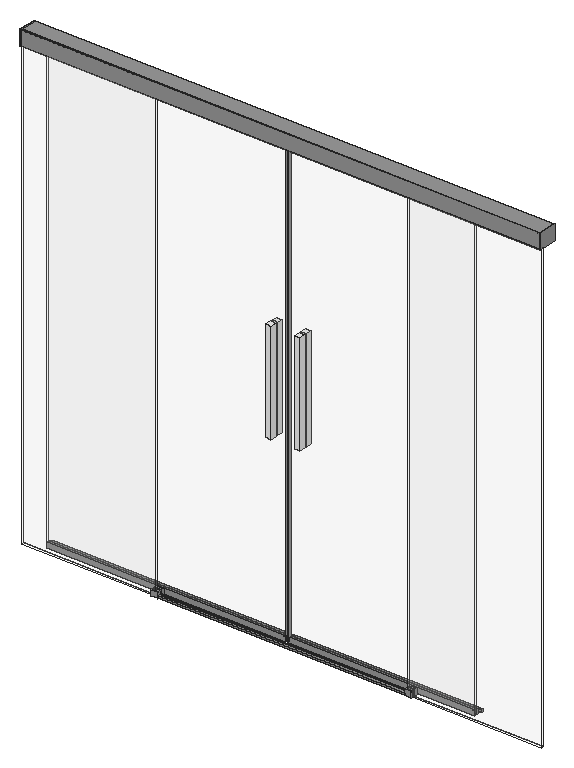
Revit family "Sanitary_Shower-screens_Duscholux_D5Custom20_Slider-twin-door-bath", category Aparatos sanitarios, Revit 2019
Family settings
  Cota de conector redondo = Diámetro de uso
  Tipo de pieza = Normal
  Número OmniClass = 23.45.00.00
  Título OmniClass = Sanitary, Laundry, and Cleaning Equipment
  Se basa en plano de trabajo = No
  Siempre vertical = Sí
  Corte con vacíos al cargar = No
  Compartido = No
  Punto de cálculo de habitación = No
Parameters (values of type "Platinum Aluminium Finish")
  Uper profile guide = Anodized Aluminium_Duscholux Material-Platinum Finish
  URL = "http://www.duscholux.es/"
  Thickness Safety Glass Sliding = 8 mm  # constant formula
  Technical Inspection Certificate (Applus) = "http://www.duscholux.es/resources/custom/var/APPLUS_en.pdf"
  Series = "D5"
  Ref. = "UAW"
  Products = "http://www.duscholux.es/mamparas_filtro.aspx?es"
  Optional = "Towel rail / Shelf / Customizable Uper profile guide"
  Opening System Image = "https://duscholux.es/resources/custom/img/mamparas/plumas/2F2PFBC.gif"
  Opening System = "Sliding"
  Opening Percentage = 0
  Modelo = "D5 Custom20"
  Maintenance and Cleaning = "http://www.duscholux.es/mamparas_limpieza.aspx?en"
  Image = "https://duscholux.es/resources/custom/img/mamparas/D5%20CUSTOM20/modelos/2F2PFBC/mampara_h.jpg"
  Handle Material = Zamac_Duscholux Material-Chrome Finish
  Glass in Building UNE EN 12150 = "CE Conformity marking"
  Glass Material = Glass_Material-Duscholux
  Frame Material = Anodized Aluminium_Duscholux Material-Platinum Finish
  Fact Sheet = "https://duscholux.blob.core.windows.net/pdf2022/en/Custom2F2PFB.pdf"
  Fabricante = "Duscholux Ibérica, S.A."
  Thickness Safety Glass Fixed Panel = 8 mm  # constant formula
  Environmental Management ISO 14001 = "ECOEMBES Certificate"
  Descripción = "2 fixed segments + slider twin doors"
  Configuration enclosure = "http://configuratumampara.duscholux.es/eCatalogo.aspx"
  Components = "Eropean components"
  Combinations = "Lateral 90°"
  Código de montaje = "C1030200"
  Certified Quality UNE EN 14428 = "http://www.duscholux.es/duscholux_downloads.aspx?es"
  Opening Door = (((Min Max Width / 4) - 80 mm) * Opening Percentage / 100) + 5 mm  # 5 mm
  Sliding Door Width = (Min Max Width / 4) + 14 mm - 5 mm  # 459 mm
  Min Max Width = if(Width < 1400 mm, 1400 mm, if(Width > 2500 mm, 2500 mm, Width))  # 1800 mm
  Width = 1800 mm
  Handle Height = (Max Height / 2) + Bath Heigth  # 1200 mm
  Max Height = if(Height > 1800 mm, 1800 mm, Height)  # 1600 mm
  Height = 1600 mm
  Bath Heigth = 400 mm
  Accesories Material = Anodized Aluminium_Duscholux Material-Platinum Finish
Types (4, lengths in mm): name | Uper profile guide | Handle Material | Frame Material | Accesories Material
  (no name) | Anodized Aluminium_Duscholux Material-Platinum Finish | Zamac_Duscholux Material-Chrome Finish | Anodized Aluminium_Duscholux Material-Platinum Finish | Anodized Aluminium_Duscholux Material-Platinum Finish
  Matte Silver Aluminium Finish | Anodized Aluminium_Duscholux Material-Matte Silver Finish | Zamac_Duscholux Material-Chrome Finish | Anodized Aluminium_Duscholux Material-Matte Silver Finish | Anodized Aluminium_Duscholux Material-Platinum Finish
  Platinum Aluminium Finish | Anodized Aluminium_Duscholux Material-Platinum Finish | Zamac_Duscholux Material-Chrome Finish | Anodized Aluminium_Duscholux Material-Platinum Finish | Anodized Aluminium_Duscholux Material-Platinum Finish
  Black Aluminium Finish | Anodized Aluminium_Duscholux Material-Black Finish | Anodized Aluminium_Duscholux Material-Black Finish | Anodized Aluminium_Duscholux Material-Black Finish | Anodized Aluminium_Duscholux Material-Black Finish
Reference planes
  plane 1 "Centro (Frontal/Posterior)": y = 0
  plane 2: z = 0
  plane 3 "Centro (Izquierda/Derecha)": x = -5.5
  plane 4: x = 455.5
  plane 5: z = 2000
  plane 6: x = 891.5
  plane 7: x = -8.5
  plane 8: z = 1200
  plane 9: x = 441.5
  plane 10: x = 427.25
  plane 11: y = 26.104
  plane 12: z = 0
  plane 13: x = 464.5
  plane 14: z = 1948
  plane 15: z = 1953.154
  plane 16: x = 293.398
  plane 17: x = 1327.5
  plane 18: x = 1341.5
  plane 19: x = 1355.75
  plane 20: x = 1318.5
  plane 21: x = 1791.5
  plane 22: x = 1788.5
  plane 23: z = 400
  plane 24: z = 21.54
  plane 25: z = 420
  plane 26: z = 418.6
  plane 27: z = 403.247
Forms (mm)
  Extrusion 1, solid, material "Glass_Material-Duscholux" <- "Glass Material"
    sketch origin (500, 0, 0) x (1, 0, 0) y (0, 1, 0)
      loop
        line (-508.5, 4) -> (-508.5, -4) -> (-44.5, -4) -> (-44.5, 4) -> (-508.5, 4)
    from 400 to 1953.154
  Extrusion 2, solid, material "Glass_Material-Duscholux" <- "Glass Material"
    sketch origin (-739.119, -5.278, 0) x (1, 0, 0) y (0, 1, 0)
      loop
        line (796.619, 35.382) -> (796.619, 27.382) -> (1625.619, 27.382) -> (1625.619, 35.382) -> (796.619, 35.382)
    from 403.247 to 1948
  Extrusion 3, solid, material "Anodized Aluminium_Duscholux Material-Platinum Finish" <- "Accesories Material", detail levels fine
    sketch origin (-5.5, -2.57, 500) x (0, 1, 0) y (0, 0, 1)
      loop
        line (-2.433, -92.421) -> (-2.433, -100) -> (7.636, -100) -> (7.636, -92.426)
        arc (7.636, -92.426) -> (6.912, -90.68) -> (5.166, -89.957) r 2.47
        line (5.166, -89.957) -> (0.032, -89.957)
        arc (0.032, -89.957) -> (-1.711, -90.679) -> (-2.433, -92.421) r 2.465
    from 470 to 1324
  Extrusion 4, solid, material "Anodized Aluminium_Duscholux Material-Platinum Finish" <- "Uper profile guide"
    sketch origin (-5.5, 0, 0) x (0, 1, 0) y (0, 0, 1)
      loop
        line (-9.997, 1999) -> (-9.997, 1949.124) -> (-7.5, 1949.124) -> (-7.5, 1999) -> (-9.997, 1999)
    from 0 to 1794
  Extrusion 5, solid, material "Anodized Aluminium_Duscholux Material-Platinum Finish" <- "Frame Material"
    sketch origin (-5.5, 0, 0) x (0, 1, 0) y (0, 0, 1)
      loop
        line (-9.993, 2000) -> (-9.993, 1999) -> (-7.5, 1999) -> (-7.5, 1949.124) -> (-9.993, 1949.124) -> (-9.993, 1948) -> (-5.497, 1948) -> (-5.497, 1953.154) -> (5.503, 1953.154) -> (5.503, 1948) -> (21.382, 1948) -> (21.382, 1951.5) -> (7.803, 1951.5) -> (7.803, 1989.372) -> (42.403, 1989.372) -> (42.403, 1951.5) -> (33.536, 1951.5) -> (30.913, 1951.5) -> (30.913, 1948) -> (51.003, 1948) -> (51.003, 2000) -> (-9.993, 2000)
    from 0 to 1794
  Extrusion 6, solid, material "Anodized Aluminium_Duscholux Material-Platinum Finish" <- "Accesories Material"
    sketch origin (-5.5, 0, 0) x (0, 1, 0) y (0, 0, 1)
      loop
        line (51.003, 2000) -> (-9.993, 2000) -> (-9.993, 1948) -> (-5.497, 1948) -> (-5.497, 1953.154) -> (5.503, 1953.154) -> (5.503, 1948) -> (51.003, 1948) -> (51.003, 2000)
    from -3 to 0
  Extrusion 7, solid, material "Anodized Aluminium_Duscholux Material-Platinum Finish" <- "Accesories Material", detail levels medium+fine
    sketch origin (0, 0, 0) x (1, 0, 0) y (0, 1, 0)
      loop
        line (441.5, 6.547) -> (441.5, 4.098) -> (455.5, 4.098) -> (455.5, -4.002) -> (441.5, -4.002) -> (441.5, -6.452)
        arc (441.5, -6.452) -> (441.646, -6.806) -> (442, -6.952) r 0.5
        line (442, -6.952) -> (464, -6.952)
        arc (464, -6.952) -> (464.353, -6.806) -> (464.5, -6.452) r 0.5
        line (464.5, -6.452) -> (464.5, 6.548)
        arc (464.5, 6.548) -> (464.354, 6.901) -> (464, 7.047) r 0.5
        line (464, 7.047) -> (442, 7.047)
        arc (442, 7.047) -> (441.646, 6.901) -> (441.5, 6.547) r 0.5
    from 400 to 420
  Extrusion 8, solid, material "Anodized Aluminium_Duscholux Material-Platinum Finish" <- "Accesories Material", detail levels medium+fine
    sketch origin (50, 0, 0) x (1, 0, 0) y (0, 1, 0)
      loop
        line (392.5, 8.348) -> (392.5, 7.047) -> (413.5, 7.047) -> (413.5, 8.348) -> (392.5, 8.348)
    from 400 to 418.6
  Extrusion 9, solid, material "Glass_Material-Duscholux" <- "Glass Material"
    sketch origin (1883, 0, 0) x (-1, 0, 0) y (0, -1, 0)
      loop
        line (91.5, -4) -> (555.5, -4) -> (555.5, 4) -> (91.5, 4) -> (91.5, -4)
    from 400 to 1953.154
  Extrusion 10, solid, material "Glass_Material-Duscholux" <- "Glass Material"
    sketch origin (2612.071, -5.278, 0) x (-1, 0, 0) y (0, -1, 0)
      loop
        line (1071.571, -35.382) -> (1715.571, -35.382) -> (1715.571, -27.382) -> (1071.571, -27.382) -> (1071.571, -35.382)
    from 403.247 to 1953.154
  Extrusion 11, solid, material "Anodized Aluminium_Duscholux Material-Platinum Finish" <- "Accesories Material", detail levels medium+fine
    sketch origin (2383, 0, 0) x (-1, 0, 0) y (0, -1, 0)
      loop
        arc (1041.5, -6.547) -> (1041.647, -6.901) -> (1042, -7.047) r 0.5
        line (1042, -7.047) -> (1064, -7.047)
        arc (1064, -7.047) -> (1064.354, -6.901) -> (1064.5, -6.548) r 0.5
        line (1064.5, -6.548) -> (1064.5, 6.452)
        arc (1064.5, 6.452) -> (1064.353, 6.806) -> (1064, 6.952) r 0.5
        line (1064, 6.952) -> (1042, 6.952)
        arc (1042, 6.952) -> (1041.646, 6.806) -> (1041.5, 6.452) r 0.5
        line (1041.5, 6.452) -> (1041.5, 4.002) -> (1055.5, 4.002) -> (1055.5, -4.098) -> (1041.5, -4.098) -> (1041.5, -6.547)
    from 400 to 420
  Extrusion 12, solid, material "Anodized Aluminium_Duscholux Material-Platinum Finish" <- "Accesories Material", detail levels medium+fine
    sketch origin (2333, 0, 0) x (-1, 0, 0) y (0, -1, 0)
      loop
        line (992.5, -8.348) -> (1013.5, -8.348) -> (1013.5, -7.047) -> (992.5, -7.047) -> (992.5, -8.348)
    from 400 to 418.6
  Extrusion 13, solid, material "Anodized Aluminium_Duscholux Material-Platinum Finish" <- "Accesories Material"
    sketch origin (2188.5, 0, 0) x (0, 1, 0) y (0, 0, -1)
      loop
        line (51.003, -2000) -> (51.003, -1948) -> (5.503, -1948) -> (5.503, -1953.154) -> (-5.497, -1953.154) -> (-5.497, -1948) -> (-9.993, -1948) -> (-9.993, -2000) -> (51.003, -2000)
    from 397 to 400
  Extrusion 14, solid, material "Anodized Aluminium_Duscholux Material-Platinum Finish" <- "Accesories Material"
    sketch origin (-5.5, 0, 0) x (0, 1, 0) y (0, 0, 1)
      loop
        arc (19.08, 417.101) -> (18.524, 419.12) -> (16.624, 420) r 2.49
        line (16.624, 420) -> (8.348, 420) -> (8.348, 400) -> (16.624, 400)
        arc (16.624, 400) -> (18.234, 400.59) -> (19.08, 402.081) r 2.49
        line (19.08, 402.081) -> (19.08, 417.101)
    from 447 to 470
  Extrusion 15, solid, material "Anodized Aluminium_Duscholux Material-Platinum Finish" <- "Accesories Material"
    sketch origin (-5.5, 0, 0) x (0, 1, 0) y (0, 0, 1)
      loop
        line (16.624, 420) -> (8.348, 420) -> (8.348, 400) -> (16.624, 400)
        arc (16.624, 400) -> (18.234, 400.59) -> (19.08, 402.081) r 2.49
        line (19.08, 402.081) -> (19.08, 417.101)
        arc (19.08, 417.101) -> (18.524, 419.12) -> (16.624, 420) r 2.49
    from 1324 to 1347
  Extrusion 16, solid
    sketch origin (-5.5, 0, 0) x (0, 1, 0) y (0, 0, 1)
      loop
        arc (20.53, 417.613) -> (19.805, 418.338) -> (19.08, 417.613) r 0.725
        line (19.08, 417.613) -> (19.08, 402.081)
        arc (19.08, 402.081) -> (18.234, 400.59) -> (16.624, 400) r 2.49
        line (16.624, 400) -> (31.156, 400) -> (31.156, 401.937) -> (21.141, 401.937) -> (20.53, 403.247) -> (20.53, 417.613)
    from 1325 to 1346
  Extrusion 17, solid, material "Anodized Aluminium_Duscholux Material-Platinum Finish" <- "Accesories Material"
    sketch origin (-5.5, 0, 0) x (0, 1, 0) y (0, 0, 1)
      loop
        arc (20.53, 417.613) -> (19.805, 418.338) -> (19.08, 417.613) r 0.725
        line (19.08, 417.613) -> (19.08, 402.081)
        arc (19.08, 402.081) -> (18.234, 400.59) -> (16.624, 400) r 2.49
        line (16.624, 400) -> (31.156, 400) -> (31.156, 401.937) -> (21.141, 401.937) -> (20.53, 403.247) -> (20.53, 417.613)
    from 448 to 469
  Extrusion 18, solid, material "Plástico, transparente"
    sketch origin (-5.5, 0, 0) x (0, 1, 0) y (0, 0, 1)
      loop
        arc (31.711, 419.394) -> (30.633, 419.36) -> (30.104, 418.42) r 1.098
        line (30.104, 418.42) -> (30.104, 403.247) -> (22.104, 403.247) -> (22.104, 419.859) -> (21.222, 419.757) -> (21.222, 401.937) -> (31.156, 401.937) -> (31.156, 416.552)
        arc (31.156, 416.552) -> (31.449, 417.186) -> (32.121, 417.376) r 0.834
        line (32.121, 417.376) -> (52.104, 406.92) -> (52.104, 401.207)
        arc (52.104, 401.207) -> (52.809, 400.774) -> (53.604, 401.006) r 1.02
        line (53.604, 401.006) -> (53.604, 407.939) -> (31.711, 419.394)
    from 63 to 892
  Extrusion 19, solid, material "Plástico, transparente"
    sketch origin (-5.5, 0, 0) x (0, 1, 0) y (0, 0, 1)
      loop
        arc (31.711, 419.394) -> (30.633, 419.36) -> (30.104, 418.42) r 1.098
        line (30.104, 418.42) -> (30.104, 403.247) -> (22.104, 403.247) -> (22.104, 419.859) -> (21.222, 419.757) -> (21.222, 401.937) -> (31.156, 401.937) -> (31.156, 416.552)
        arc (31.156, 416.552) -> (31.449, 417.186) -> (32.121, 417.376) r 0.834
        line (32.121, 417.376) -> (52.104, 406.92) -> (52.104, 401.207)
        arc (52.104, 401.207) -> (52.809, 400.774) -> (53.604, 401.006) r 1.02
        line (53.604, 401.006) -> (53.604, 407.939) -> (31.711, 419.394)
    from 902 to 1546
  Extrusion 20, solid, material "Anodized Aluminium_Duscholux Material-Platinum Finish" <- "Frame Material"
    sketch origin (0, 0, 0) x (1, 0, 0) y (0, 1, 0)
      loop
        line (886.5, 22.104) -> (890.312, 22.104)
        arc (890.312, 22.104) -> (891.152, 22.452) -> (891.5, 23.292) r 1.188
        line (891.5, 23.292) -> (891.5, 28.9)
        arc (891.5, 28.9) -> (891.147, 29.751) -> (890.296, 30.104) r 1.204
        line (890.296, 30.104) -> (886.5, 30.104) -> (886.5, 22.104)
    from 403.247 to 1948
  Extrusion 21, solid, material "Anodized Aluminium_Duscholux Material-Platinum Finish" <- "Frame Material"
    sketch origin (0, 0, 0) x (1, 0, 0) y (0, 1, 0)
      loop
        line (896.5, 30.104) -> (892.683, 30.104)
        arc (892.683, 30.104) -> (891.847, 29.757) -> (891.5, 28.92) r 1.183
        line (891.5, 28.92) -> (891.5, 23.281)
        arc (891.5, 23.281) -> (891.845, 22.449) -> (892.678, 22.104) r 1.178
        line (892.678, 22.104) -> (896.5, 22.104) -> (896.5, 30.104)
    from 403.247 to 1948
Cuts and joins
  joined: Extrusion 7, Extrusion 8
Dimensions and locks
  locked: plane 7 to plane 3 "Centro (Izquierda/Derecha)" at 3
  "Handle Height": plane 8 to level
  locked: plane 9 to plane 4 at 14
  locked: plane 10 to plane 9 at 14.25
  locked: nested 2 to Extrusion 2 at 45
  locked: plane 9 to plane 13 at 23
  locked: plane 5 to plane 14 at 52
  locked: plane 5 to plane 15 at 46.846
  locked: plane 18 to plane 17 at 14
  locked: plane 19 to plane 18 at 14.25
  locked: plane 18 to plane 20 at 23
  "Width": plane 7 to plane 21
  equal spacing: plane 7, plane 9, plane 6, plane 18, plane 21
  locked: nested 4 to Extrusion 10 at 45
  plane 18 to plane 20 = 23 mm
  locked: plane 22 to plane 21 at 3
  plane 17 to Extrusion 11 = 14 mm
  plane 1 "Centro (Frontal/Posterior)" to Extrusion 12 = 8.348 mm
  plane 1 "Centro (Frontal/Posterior)" to Extrusion 8 = 8.348 mm
  locked: Extrusion 17 to plane 13 at 1
  locked: plane 9 to Extrusion 17 at 1
  locked: Extrusion 16 to plane 18 at 1
  locked: plane 20 to Extrusion 16 at 1
  locked: plane 25 to plane 23 at 20
  locked: plane 26 to plane 23 at 18.6
  locked: plane 27 to plane 23 at 3.247
  "Bath Heigth": plane 23 to level
  "Max Height": plane 5 to plane 23
  locked: nested 1 to Extrusion 2 at 45
  "Opening Door": Extrusion 2 to plane 6
  locked: Extrusion 2 to Extrusion 20 at 5
  locked: Extrusion 21 to Extrusion 10 at 5
  "Opening Door": plane 6 to Extrusion 10
  aligned and locked: level to plane 2
  aligned and locked: Extrusion 4 to plane 3 "Centro (Izquierda/Derecha)"
  aligned and locked: Extrusion 4 to Extrusion 5
  aligned and locked: plane 8 to nested 2
  aligned and locked: plane 8 to nested 1
  aligned and locked: Extrusion 6 to plane 7
  aligned and locked: plane 3 "Centro (Izquierda/Derecha)" to Extrusion 6
  aligned and locked: Extrusion 3 to plane 13
  aligned and locked: Extrusion 5 to plane 14
  aligned and locked: plane 15 to Extrusion 1
  aligned and locked: plane 14 to Extrusion 2
  aligned and locked: Extrusion 11 to plane 18
  aligned and locked: plane 20 to Extrusion 11
  aligned and locked: Extrusion 3 to plane 20
  aligned and locked: plane 15 to Extrusion 9
  aligned and locked: plane 15 to Extrusion 10
  aligned and locked: nested 3 to plane 8
  aligned and locked: nested 4 to plane 8
  aligned and locked: plane 22 to Extrusion 13
  aligned and locked: Extrusion 13 to plane 21
  aligned and locked: Extrusion 5 to plane 22
  aligned and locked: Extrusion 4 to Extrusion 13
  aligned and locked: Extrusion 7 to Extrusion 3
  aligned and locked: Extrusion 3 to Extrusion 11
  aligned and locked: Extrusion 3 to Extrusion 12
  aligned and locked: cut or joined group of Extrusion 7, Extrusion 8 to plane 23
  aligned and locked: cut or joined group of Extrusion 7, Extrusion 8 to Extrusion 12
  aligned and locked: Extrusion 11 to plane 23
  aligned and locked: Extrusion 15 to plane 18
  aligned and locked: Extrusion 15 to Extrusion 3
  aligned and locked: Extrusion 3 to Extrusion 14
  aligned and locked: Extrusion 14 to plane 9
  aligned and locked: Extrusion 12 to Extrusion 16
  aligned and locked: Extrusion 10 to Extrusion 2
  aligned and locked: Extrusion 1 to Extrusion 3
  aligned and locked: Extrusion 3 to Extrusion 9
  aligned and locked: plane 25 to Extrusion 11
  aligned and locked: plane 25 to Extrusion 15
  aligned and locked: plane 25 to cut or joined group of Extrusion 7, Extrusion 8
  aligned and locked: plane 25 to Extrusion 14
  aligned and locked: plane 26 to Extrusion 12
  aligned and locked: Extrusion 18 to Extrusion 2  (x2)
  aligned and locked: Extrusion 10 to plane 27
  aligned and locked: Extrusion 19 to Extrusion 10  (x2)
  aligned and locked: Extrusion 20 sketch curve to Extrusion 2
  aligned and locked: plane 14 to Extrusion 21
  aligned and locked: plane 14 to Extrusion 20
  aligned and locked: Extrusion 21 to Extrusion 19
  aligned and locked: Extrusion 20 to Extrusion 18
Automatic sketch dimensions
  Extrusion 1 sketch curve to plane 7 = 0 mm
  Extrusion 1 sketch curve to plane 4 = 0 mm
  plane 1 "Centro (Frontal/Posterior)" to Extrusion 1 sketch curve = 4 mm
  Extrusion 1 sketch curve to plane 1 "Centro (Frontal/Posterior)" = 4 mm
  Extrusion 2 sketch curve to plane 10 = 369.75 mm
  Extrusion 2 sketch curve to plane 6 = 5 mm
  Extrusion 2 sketch curve to plane 11 = 4 mm
  plane 11 to Extrusion 2 sketch curve = 4 mm
  level to Extrusion 3 sketch curve = 400 mm
  plane 1 "Centro (Frontal/Posterior)" to Extrusion 3 sketch curve = 5.003 mm
  Extrusion 3 sketch curve to Extrusion 3 sketch curve = 2.465 mm
  Extrusion 3 sketch curve to plane 1 "Centro (Frontal/Posterior)" = 2.596 mm
  Extrusion 3 sketch curve to plane 1 "Centro (Frontal/Posterior)" = 5.066 mm
  Extrusion 3 sketch curve to Extrusion 3 sketch curve = 7.574 mm
  plane 14 to Extrusion 4 sketch curve = 1.124 mm
  plane 1 "Centro (Frontal/Posterior)" to Extrusion 4 sketch curve = 9.997 mm
  Extrusion 4 sketch curve to Extrusion 4 sketch curve = 2.497 mm
  Extrusion 4 sketch curve to plane 5 = 1 mm
  Extrusion 5 sketch curve to plane 5 = 0 mm
  Extrusion 5 sketch curve to plane 14 = 0 mm  (x3)
  Extrusion 5 sketch curve to plane 15 = 0 mm
  plane 1 "Centro (Frontal/Posterior)" to Extrusion 5 sketch curve = 9.993 mm  (x2)
  plane 14 to Extrusion 5 sketch curve = 1.124 mm
  Extrusion 5 sketch curve to plane 5 = 1 mm
  Extrusion 5 sketch curve to Extrusion 5 sketch curve = 2.493 mm
  Extrusion 5 sketch curve to Extrusion 5 sketch curve = 2.003 mm
  Extrusion 5 sketch curve to plane 1 "Centro (Frontal/Posterior)" = 5.503 mm
  Extrusion 5 sketch curve to plane 1 "Centro (Frontal/Posterior)" = 7.803 mm
  Extrusion 5 sketch curve to plane 11 = 4.721 mm
  Extrusion 5 sketch curve to plane 15 = 1.654 mm  (x2)
  plane 11 to Extrusion 5 sketch curve = 4.809 mm
  Extrusion 5 sketch curve to Extrusion 5 sketch curve = 2.623 mm
  plane 11 to Extrusion 5 sketch curve = 16.3 mm
  Extrusion 5 sketch curve to Extrusion 5 sketch curve = 8.6 mm
  Extrusion 5 sketch curve to plane 5 = 10.628 mm
  Extrusion 6 sketch curve to plane 5 = 0 mm
  Extrusion 6 sketch curve to plane 14 = 0 mm  (x2)
  Extrusion 6 sketch curve to plane 15 = 0 mm
  plane 1 "Centro (Frontal/Posterior)" to Extrusion 6 sketch curve = 9.993 mm
  plane 1 "Centro (Frontal/Posterior)" to Extrusion 6 sketch curve = 5.497 mm
  Extrusion 6 sketch curve to plane 1 "Centro (Frontal/Posterior)" = 5.503 mm
  plane 11 to Extrusion 6 sketch curve = 24.9 mm
  Extrusion 7 sketch curve to plane 4 = 0 mm
  Extrusion 7 sketch curve to plane 13 = 0 mm
  plane 9 to Extrusion 7 sketch curve = 0.5 mm  (x2)
  plane 9 to Extrusion 7 sketch curve = 0 mm
  Extrusion 7 sketch curve to plane 9 = 0 mm
  Extrusion 7 sketch curve to plane 13 = 0.5 mm
  Extrusion 7 sketch curve to Extrusion 7 sketch curve = 0.5 mm
  plane 1 "Centro (Frontal/Posterior)" to Extrusion 7 sketch curve = 6.952 mm
  Extrusion 7 sketch curve to Extrusion 7 sketch curve = 2.45 mm
  Extrusion 7 sketch curve to plane 1 "Centro (Frontal/Posterior)" = 4.098 mm
  Extrusion 7 sketch curve to Extrusion 7 sketch curve = 2.449 mm
  plane 9 to Extrusion 8 sketch curve = 1 mm
  Extrusion 8 sketch curve to plane 13 = 1 mm
  Extrusion 8 sketch curve to plane 1 "Centro (Frontal/Posterior)" = 7.047 mm
  Extrusion 8 sketch curve to Extrusion 8 sketch curve = 1.3 mm
  Extrusion 9 sketch curve to plane 21 = 0 mm
  Extrusion 9 sketch curve to plane 17 = 0 mm
  Extrusion 9 sketch curve to plane 1 "Centro (Frontal/Posterior)" = 4 mm
  plane 1 "Centro (Frontal/Posterior)" to Extrusion 9 sketch curve = 4 mm
  plane 19 to Extrusion 10 sketch curve = 184.75 mm
  Extrusion 10 sketch curve to plane 6 = 5 mm
  plane 11 to Extrusion 10 sketch curve = 4 mm
  Extrusion 10 sketch curve to plane 11 = 4 mm
  Extrusion 11 sketch curve to plane 18 = 0 mm  (x2)
  Extrusion 11 sketch curve to plane 17 = 0 mm
  Extrusion 11 sketch curve to plane 20 = 0 mm
  Extrusion 11 sketch curve to Extrusion 11 sketch curve = 0.5 mm
  Extrusion 11 sketch curve to plane 18 = 0.5 mm
  plane 20 to Extrusion 11 sketch curve = 0.5 mm  (x2)
  Extrusion 11 sketch curve to plane 1 "Centro (Frontal/Posterior)" = 6.952 mm
  Extrusion 11 sketch curve to Extrusion 11 sketch curve = 2.45 mm
  plane 1 "Centro (Frontal/Posterior)" to Extrusion 11 sketch curve = 4.098 mm
  Extrusion 11 sketch curve to Extrusion 11 sketch curve = 2.449 mm
  Extrusion 12 sketch curve to plane 18 = 1 mm
  plane 20 to Extrusion 12 sketch curve = 1 mm
  plane 1 "Centro (Frontal/Posterior)" to Extrusion 12 sketch curve = 7.047 mm
  Extrusion 12 sketch curve to Extrusion 12 sketch curve = 1.3 mm
  Extrusion 13 sketch curve to plane 5 = 0 mm
  Extrusion 13 sketch curve to plane 14 = 0 mm  (x2)
  Extrusion 13 sketch curve to plane 15 = 0 mm
  plane 1 "Centro (Frontal/Posterior)" to Extrusion 13 sketch curve = 9.993 mm
  plane 1 "Centro (Frontal/Posterior)" to Extrusion 13 sketch curve = 5.497 mm
  Extrusion 13 sketch curve to plane 1 "Centro (Frontal/Posterior)" = 5.503 mm
  plane 11 to Extrusion 13 sketch curve = 24.9 mm
  Extrusion 14 sketch curve to plane 11 = 9.479 mm
  plane 23 to Extrusion 14 sketch curve = 17.51 mm
  Extrusion 14 sketch curve to Extrusion 14 sketch curve = 2.49 mm
  Extrusion 14 sketch curve to Extrusion 14 sketch curve = 2.456 mm
  Extrusion 14 sketch curve to plane 23 = 0 mm
  Extrusion 14 sketch curve to Extrusion 14 sketch curve = 8.277 mm
  plane 23 to Extrusion 14 sketch curve = 2.49 mm
  plane 23 to Extrusion 14 sketch curve = 2.081 mm
  Extrusion 15 sketch curve to plane 11 = 9.479 mm
  plane 23 to Extrusion 15 sketch curve = 17.51 mm
  Extrusion 15 sketch curve to Extrusion 15 sketch curve = 2.49 mm
  Extrusion 15 sketch curve to Extrusion 15 sketch curve = 8.277 mm
  Extrusion 15 sketch curve to Extrusion 15 sketch curve = 2.456 mm
  plane 23 to Extrusion 15 sketch curve = 2.081 mm
  Extrusion 15 sketch curve to plane 23 = 0 mm
  plane 23 to Extrusion 15 sketch curve = 2.49 mm
  Extrusion 16 sketch curve to plane 11 = 6.298 mm
  Extrusion 16 sketch curve to Extrusion 16 sketch curve = 0.725 mm
  plane 23 to Extrusion 16 sketch curve = 17.613 mm
  plane 23 to Extrusion 16 sketch curve = 3.247 mm
  plane 23 to Extrusion 16 sketch curve = 1.937 mm
  Extrusion 16 sketch curve to Extrusion 16 sketch curve = 0.611 mm
  plane 11 to Extrusion 16 sketch curve = 5.053 mm
  Extrusion 16 sketch curve to plane 23 = 0 mm  (x2)
  Extrusion 16 sketch curve to Extrusion 16 sketch curve = 4.517 mm
  Extrusion 16 sketch curve to Extrusion 16 sketch curve = 2.456 mm
  Extrusion 16 sketch curve to Extrusion 16 sketch curve = 1.166 mm
  Extrusion 17 sketch curve to plane 11 = 6.298 mm
  Extrusion 17 sketch curve to Extrusion 17 sketch curve = 0.725 mm
  plane 23 to Extrusion 17 sketch curve = 17.613 mm
  plane 23 to Extrusion 17 sketch curve = 3.247 mm
  plane 23 to Extrusion 17 sketch curve = 1.937 mm
  Extrusion 17 sketch curve to Extrusion 17 sketch curve = 0.611 mm
  plane 11 to Extrusion 17 sketch curve = 5.053 mm
  Extrusion 17 sketch curve to plane 23 = 0 mm  (x2)
  Extrusion 17 sketch curve to Extrusion 17 sketch curve = 4.517 mm
  Extrusion 17 sketch curve to Extrusion 17 sketch curve = 2.456 mm
  Extrusion 17 sketch curve to Extrusion 17 sketch curve = 1.166 mm
  Extrusion 18 sketch curve to plane 26 = 0.18 mm
  plane 11 to Extrusion 18 sketch curve = 5.098 mm
  Extrusion 18 sketch curve to plane 25 = 0.606 mm
  Extrusion 18 sketch curve to Extrusion 18 sketch curve = 0.509 mm
  plane 23 to Extrusion 18 sketch curve = 7.939 mm
  Extrusion 18 sketch curve to Extrusion 18 sketch curve = 21.892 mm
  Extrusion 18 sketch curve to Extrusion 18 sketch curve = 0.788 mm
  Extrusion 18 sketch curve to plane 26 = 1.224 mm
  Extrusion 18 sketch curve to Extrusion 18 sketch curve = 0.131 mm
  Extrusion 18 sketch curve to Extrusion 18 sketch curve = 0.824 mm
  plane 23 to Extrusion 18 sketch curve = 6.92 mm
  Extrusion 18 sketch curve to Extrusion 18 sketch curve = 1.5 mm
  plane 23 to Extrusion 18 sketch curve = 1.937 mm
  Extrusion 18 sketch curve to Extrusion 18 sketch curve = 1.31 mm
  plane 23 to Extrusion 18 sketch curve = 1.207 mm
  plane 23 to Extrusion 18 sketch curve = 1.006 mm
  Extrusion 18 sketch curve to Extrusion 18 sketch curve = 0.841 mm
  Extrusion 18 sketch curve to plane 11 = 4 mm
  Extrusion 18 sketch curve to Extrusion 18 sketch curve = 0.882 mm
  Extrusion 18 sketch curve to plane 25 = 0.243 mm
  Extrusion 18 sketch curve to plane 25 = 0.141 mm
  Extrusion 19 sketch curve to plane 26 = 0.18 mm
  plane 11 to Extrusion 19 sketch curve = 5.098 mm
  Extrusion 19 sketch curve to plane 25 = 0.606 mm
  Extrusion 19 sketch curve to Extrusion 19 sketch curve = 0.509 mm
  plane 27 to Extrusion 19 sketch curve = 4.692 mm
  Extrusion 19 sketch curve to Extrusion 19 sketch curve = 21.892 mm
  Extrusion 19 sketch curve to Extrusion 19 sketch curve = 0.788 mm
  Extrusion 19 sketch curve to plane 26 = 1.224 mm
  Extrusion 19 sketch curve to Extrusion 19 sketch curve = 0.131 mm
  Extrusion 19 sketch curve to Extrusion 19 sketch curve = 0.824 mm
  plane 27 to Extrusion 19 sketch curve = 3.673 mm
  Extrusion 19 sketch curve to plane 27 = 1.31 mm
  Extrusion 19 sketch curve to plane 27 = 0 mm
  plane 23 to Extrusion 19 sketch curve = 1.207 mm
  Extrusion 19 sketch curve to Extrusion 19 sketch curve = 0.841 mm
  Extrusion 19 sketch curve to Extrusion 19 sketch curve = 0.578 mm
  plane 23 to Extrusion 19 sketch curve = 1.006 mm
  Extrusion 19 sketch curve to plane 11 = 4.882 mm
  Extrusion 19 sketch curve to plane 25 = 0.243 mm
  Extrusion 19 sketch curve to Extrusion 19 sketch curve = 0.882 mm
  Extrusion 19 sketch curve to plane 25 = 0.141 mm
  Extrusion 20 sketch curve to Extrusion 20 sketch curve = 3.796 mm
  Extrusion 20 sketch curve to Extrusion 20 sketch curve = 3.812 mm
  Extrusion 20 sketch curve to Extrusion 20 sketch curve = 1.204 mm
  Extrusion 20 sketch curve to plane 11 = 4 mm
  plane 11 to Extrusion 20 sketch curve = 2.796 mm
  plane 11 to Extrusion 21 sketch curve = 2.817 mm
  plane 6 to Extrusion 21 sketch curve = 0 mm
  Extrusion 21 sketch curve to Extrusion 21 sketch curve = 1.178 mm
  Extrusion 21 sketch curve to Extrusion 21 sketch curve = 1.183 mm
  Extrusion 21 sketch curve to Extrusion 21 sketch curve = 3.817 mm
  Extrusion 21 sketch curve to plane 11 = 2.822 mm
Nested families
  nested 1: "Handle-ext-D5" at (841.5, 22.104, 1200) x (-1, 0, 0) z (0, -1, 0), type "Handle-ext-D5", detail levels medium+fine
  nested 2: "Handle-int-D5" at (841.5, 30.104, 1200) x (1, 0, 0) z (0, 1, 0), type "Handle-int-D5", detail levels medium+fine
  nested 3: "Handle-ext-D5" at (941.5, 22.104, 1200) x (1, 0, 0) z (0, -1, 0), type "Handle-ext-D5", detail levels medium+fine
  nested 4: "Handle-int-D5" at (941.5, 30.104, 1200) x (-1, 0, 0) z (0, 1, 0), type "Handle-int-D5", detail levels medium+fine
Definition of nested family "Handle-ext-D5"
  Parameters (values of type "Handle-ext-D5")
    Long. tirador = 350 mm
    Handle Material = none
    Espesor = 19 mm
    Default Elevation = 1219.2 mm
  Reference planes
    plane 1 "Centro (Frontal/Posterior)": y = 0
    plane 2: z = 0
    plane 3 "Centro (Izquierda/Derecha)": x = 0
    plane 4: y = 175
    plane 5: y = -175
    plane 6: x = -9.5
    plane 7: x = 9.5
    plane 8: z = 0
    plane 9: z = 21
  Forms (mm)
    Extrusion 1, solid
      sketch origin (0, 0, 0) x (1, 0, 0) y (0, 1, 0)
        loop
          line (-1219.2, 1219.2) -> (-1219.2, -1219.2) -> (1219.2, -1219.2) -> (1219.2, 1219.2) -> (-1219.2, 1219.2)
      from 0 to -304.8
    Extrusion 2, solid, material <- "Handle Material"
      sketch origin (0, 0, 0) x (1, 0, 0) y (0, 0, 1)
        loop
          line (-9.5, 21) -> (-9.5, 0) -> (9.5, 0) -> (9.5, 21) -> (-9.5, 21)
      from -175 to 175
  Dimensions and locks
    equal spacing: plane 4, plane 1 "Centro (Frontal/Posterior)", plane 5
    equal spacing: plane 6, plane 3 "Centro (Izquierda/Derecha)", plane 7
    "Espesor": plane 6 to plane 7
    "Long. tirador": plane 4 to plane 5
    locked: plane 9 to Extrusion 1 at 21
    aligned and locked: plane 2 to Extrusion 1
    aligned and locked: level to Extrusion 1
    aligned and locked: plane 9 to Extrusion 2
    aligned and locked: plane 7 to Extrusion 2
    aligned and locked: Extrusion 2 to plane 6
    aligned and locked: Extrusion 2 to Extrusion 1
    aligned and locked: plane 4 to Extrusion 2
    aligned and locked: Extrusion 2 to plane 5
  Automatic sketch dimensions
    Extrusion 1 sketch curve to Extrusion 1 sketch curve = 2438.4 mm  (x2)
    Extrusion 2 sketch curve to plane 6 = 0 mm
    Extrusion 2 sketch curve to level = 0 mm
    Extrusion 2 sketch curve to plane 7 = 0 mm
    Extrusion 2 sketch curve to plane 9 = 0 mm
Definition of nested family "Handle-int-D5"
  Parameters (values of type "Handle-int-D5")
    Long. tirador = 350 mm
    Handle Material = none
    Espesor = 19 mm
    Default Elevation = 1219.2 mm
  Reference planes
    plane 1 "Centro (Frontal/Posterior)": y = 0
    plane 2: z = 0
    plane 3 "Centro (Izquierda/Derecha)": x = 0
    plane 4: y = 175
    plane 5: y = -175
    plane 6: x = -9.5
    plane 7: x = 9.5
    plane 8: z = 0
    plane 9: z = 19
  Forms (mm)
    Extrusion 1, solid
      sketch origin (0, 0, 0) x (1, 0, 0) y (0, 1, 0)
        loop
          line (-1219.2, 1219.2) -> (-1219.2, -1219.2) -> (1219.2, -1219.2) -> (1219.2, 1219.2) -> (-1219.2, 1219.2)
      from 0 to -304.8
    Extrusion 2, solid, material <- "Handle Material"
      sketch origin (0, 0, 0) x (1, 0, 0) y (0, 0, 1)
        loop
          line (-9.5, 19) -> (-9.5, 0) -> (9.5, 0) -> (9.5, 19) -> (-9.5, 19)
      from -175 to 175
  Dimensions and locks
    equal spacing: plane 4, plane 1 "Centro (Frontal/Posterior)", plane 5
    equal spacing: plane 6, plane 3 "Centro (Izquierda/Derecha)", plane 7
    "Espesor": plane 6 to plane 7
    "Long. tirador": plane 4 to plane 5
    locked: plane 9 to Extrusion 1 at 19
    aligned and locked: plane 2 to Extrusion 1
    aligned and locked: level to Extrusion 1
    aligned and locked: plane 9 to Extrusion 2
    aligned and locked: plane 7 to Extrusion 2
    aligned and locked: Extrusion 2 to plane 6
    aligned and locked: Extrusion 2 to Extrusion 1
    aligned and locked: plane 4 to Extrusion 2
    aligned and locked: Extrusion 2 to plane 5
  Automatic sketch dimensions
    Extrusion 1 sketch curve to Extrusion 1 sketch curve = 2438.4 mm  (x2)
    Extrusion 2 sketch curve to plane 6 = 0 mm
    Extrusion 2 sketch curve to level = 0 mm
    Extrusion 2 sketch curve to plane 7 = 0 mm
    Extrusion 2 sketch curve to plane 9 = 0 mm
